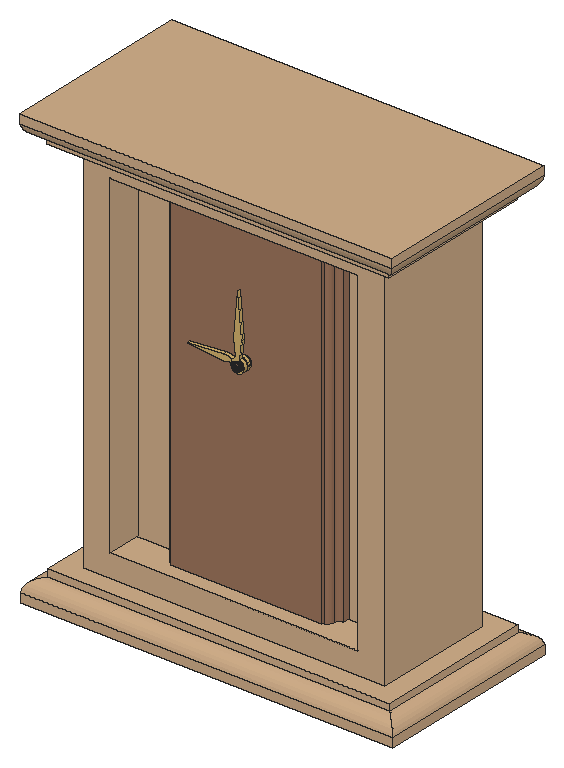
Revit family
Parameters
  Material de reloj = Reloj1
  Material de agujas = Agujas
Reference planes (cm)
  plane 1 "Centro (Frontal/Posterior)": y = 0
  plane 2: z = 0
  plane 3: x = 0
  plane 4: z = 17.4
  plane 5: z = 17.4
  plane 6: x = 0
  plane 7 "Centro (Izquierda/Derecha)": x = 0
Forms (cm)
  Extrusion 1, solid, material "Reloj1" <- "Material de reloj"
    sketch origin (0, 0, 0) x (1, 0, 0) y (0, 1, 0)
      loop
        line (12.45, 6.35) -> (-12.45, 6.35) -> (-12.45, -6.35) -> (12.45, -6.35) -> (12.45, 6.35)
    from 0 to 1.9
  Sweep 2, void
    path in 3D
      loop
        line (12.45, -6.35, 1.9) -> (12.45, 6.35, 1.9) -> (-12.45, 6.35, 1.9) -> (-12.45, -6.35, 1.9) -> (12.45, -6.35, 1.9)
    profile origin (0, -6.35, 1.9) x (0, 1, 0) y (0, 0, 1)
      loop
        line (1, -0.45) -> (1, 0) -> (0, 0) -> (0, -1.3)
        arc (0, -1.3) -> (0.3438, -0.6912) -> (1, -0.45) r 1.0132
  Extrusion 3, solid, material "Reloj1" <- "Material de reloj"
    sketch origin (-0.05, 0, 27.4) x (0, -1, 0) y (1, 0, 0)
      loop
        line (-6.35, 12.45) -> (-6.35, -12.45) -> (6.35, -12.45) -> (6.35, 12.45) -> (-6.35, 12.45)
    from 0 to 1.9
  Sweep 4, void
    path in 3D
      loop
        line (12.4, -6.35, 27.4) -> (12.4, 6.35, 27.4) -> (-12.5, 6.35, 27.4) -> (-12.5, -6.35, 27.4) -> (12.4, -6.35, 27.4)
    profile origin (-0.05, -6.35, 27.4) x (0, -1, 0) y (0, 0, -1)
      loop
        arc (-1, -0.45) -> (-0.3438, -0.6912) -> (0, -1.3) r 1.0132
        line (0, -1.3) -> (0, 0) -> (-1, 0) -> (-1, -0.45)
  Extrusion 5, solid, material "Reloj1" <- "Material de reloj"
    sketch origin (0, 0, 0) x (1, 0, 0) y (0, 0, 1)
      loop
        line (10.1, 1.9) -> (10.1, 27.4) -> (-10.1, 27.4) -> (-10.1, 1.9) -> (10.1, 1.9)
      loop
        line (-8.3, 25.9) -> (-8.3, 3.4) -> (8.3, 3.4) -> (8.3, 25.9) -> (-8.3, 25.9)
    from -4.05 to 4.05
  Extrusion 6, solid, material "Reloj1" <- "Material de reloj"
    sketch origin (8.4119, 0, 3.4) x (-1, 0, 0) y (0, -1, 0)
      loop
        line (16.7119, 1.75) -> (0.1119, 1.75) -> (0.1119, -1.75) -> (16.7119, -1.75) -> (16.7119, 1.75)
    from 0 to 22.5
  Extrusion 7, solid, material "Reloj2"
    sketch origin (-8.3, -1.75, 3.4) x (1, 0, 0) y (0, 0, 1)
      loop
        line (2.5, 22.5) -> (2.5, 0) -> (14.1, 0) -> (14.1, 22.5) -> (2.5, 22.5)
    from 0 to 1.3
  Extrusion 8, void
    sketch origin (8.4119, 0, 3.4) x (0, -1, 0) y (-1, 0, 0)
      loop
        line (3.05, 13.4619) -> (3.05, 14.2119) -> (2.15, 14.2119)
        arc (2.15, 14.2119) -> (2.2598, 13.9467) -> (2.525, 13.8369) r 0.375
        arc (2.525, 13.8369) -> (2.7902, 13.7271) -> (2.9, 13.4619) r 0.375
        line (2.9, 13.4619) -> (3.05, 13.4619)
      loop
        line (3.05, 3.3619) -> (2.9, 3.3619)
        arc (2.9, 3.3619) -> (2.7902, 3.0967) -> (2.525, 2.9869) r 0.375
        arc (2.525, 2.9869) -> (2.2598, 2.8771) -> (2.15, 2.6119) r 0.375
        line (2.15, 2.6119) -> (3.05, 2.6119) -> (3.05, 3.3619)
    from -22.5 to 0
  Extrusion 9, solid, material "Reloj2"
    sketch origin (-8.3, 1.75, 3.4) x (1, 0, 0) y (0, 0, -1)
      loop
        line (14.1, -22.5) -> (14.1, 0) -> (2.5, 0) -> (2.5, -22.5) -> (14.1, -22.5)
      loop
        circle (8.3, -3.85) r 1.25
    from 0 to 1
  Extrusion 10, void
    sketch origin (0, 0, 0) x (1, 0, 0) y (0, 1, 0)
      loop
        line (5.05, 2.75) -> (5.05, 2.625)
        arc (5.05, 2.625) -> (5.3152, 2.5152) -> (5.425, 2.25) r 0.375
        arc (5.425, 2.25) -> (5.5348, 1.9848) -> (5.8, 1.875) r 0.375
        line (5.8, 1.875) -> (5.8, 2.75) -> (5.05, 2.75)
      loop
        line (-5.05, 2.75) -> (-5.8, 2.75) -> (-5.8, 1.875)
        arc (-5.8, 1.875) -> (-5.5348, 1.9848) -> (-5.425, 2.25) r 0.375
        arc (-5.425, 2.25) -> (-5.3152, 2.5152) -> (-5.05, 2.625) r 0.375
        line (-5.05, 2.625) -> (-5.05, 2.75)
    from 3.4 to 25.9
  Revolve 11, solid, material "Rosca"
    sketch origin (3.9, -152.4, 17.4) x (0, -1, 0) y (1, 0, 0)
      loop
        line (-149.35, -4.2) -> (-148.5232, -4.2) -> (-148.35, -3.9) -> (-149.35, -3.9) -> (-149.35, -4.2)
      axis (-149.35, -3.9) -> (-148.35, -3.9)
    angle from 0 to 360
  Revolve 12, solid, material "Rosca"
    sketch origin (3.8976, -152.4, 17.5361) x (0.999391, 0, 0.034899) y (0, -1, 0)
      loop
        line (-4.2, -149.35) -> (-3.9, -149.35) -> (-3.9, -148.35) -> (-4.2, -148.5232) -> (-4.2, -149.35)
      axis (-3.9, -149.35) -> (-3.9, -148.35)
    angle from 0 to 360
  Revolve 13, solid, material "Rosca"
    sketch origin (3.8905, -152.4, 17.6721) x (0.997564, 0, 0.069756) y (0, -1, 0)
      loop
        line (-4.2, -149.35) -> (-3.9, -149.35) -> (-3.9, -148.35) -> (-4.2, -148.5232) -> (-4.2, -149.35)
      axis (-3.9, -149.35) -> (-3.9, -148.35)
    angle from 0 to 360
  Revolve 14, solid, material "Rosca"
    sketch origin (3.8786, -152.4, 17.8077) x (0.994522, 0, 0.104528) y (0, -1, 0)
      loop
        line (-4.2, -149.35) -> (-3.9, -149.35) -> (-3.9, -148.35) -> (-4.2, -148.5232) -> (-4.2, -149.35)
      axis (-3.9, -149.35) -> (-3.9, -148.35)
    angle from 0 to 360
  Revolve 15, solid, material "Rosca"
    sketch origin (3.862, -152.4, 17.9428) x (0.990268, 0, 0.139173) y (0, -1, 0)
      loop
        line (-4.2, -149.35) -> (-3.9, -149.35) -> (-3.9, -148.35) -> (-4.2, -148.5232) -> (-4.2, -149.35)
      axis (-3.9, -149.35) -> (-3.9, -148.35)
    angle from 0 to 360
  Revolve 16, solid, material "Rosca"
    sketch origin (3.8408, -152.4, 18.0772) x (0.984808, 0, 0.173648) y (0, -1, 0)
      loop
        line (-4.2, -149.35) -> (-3.9, -149.35) -> (-3.9, -148.35) -> (-4.2, -148.5232) -> (-4.2, -149.35)
      axis (-3.9, -149.35) -> (-3.9, -148.35)
    angle from 0 to 360
  Revolve 17, solid, material "Rosca"
    sketch origin (3.8148, -152.4, 18.2109) x (0.978148, 0, 0.207912) y (0, -1, 0)
      loop
        line (-4.2, -149.35) -> (-3.9, -149.35) -> (-3.9, -148.35) -> (-4.2, -148.5232) -> (-4.2, -149.35)
      axis (-3.9, -149.35) -> (-3.9, -148.35)
    angle from 0 to 360
  Revolve 18, solid, material "Rosca"
    sketch origin (3.7842, -152.4, 18.3435) x (0.970296, 0, 0.241922) y (0, -1, 0)
      loop
        line (-4.2, -149.35) -> (-3.9, -149.35) -> (-3.9, -148.35) -> (-4.2, -148.5232) -> (-4.2, -149.35)
      axis (-3.9, -149.35) -> (-3.9, -148.35)
    angle from 0 to 360
  Revolve 19, solid, material "Rosca"
    sketch origin (3.7489, -152.4, 18.475) x (0.961262, 0, 0.275637) y (0, -1, 0)
      loop
        line (-4.2, -149.35) -> (-3.9, -149.35) -> (-3.9, -148.35) -> (-4.2, -148.5232) -> (-4.2, -149.35)
      axis (-3.9, -149.35) -> (-3.9, -148.35)
    angle from 0 to 360
  Revolve 20, solid, material "Rosca"
    sketch origin (3.7091, -152.4, 18.6052) x (0.951057, 0, 0.309017) y (0, -1, 0)
      loop
        line (-4.2, -149.35) -> (-3.9, -149.35) -> (-3.9, -148.35) -> (-4.2, -148.5232) -> (-4.2, -149.35)
      axis (-3.9, -149.35) -> (-3.9, -148.35)
    angle from 0 to 360
  Revolve 21, solid, material "Rosca"
    sketch origin (3.6648, -152.4, 18.7339) x (0.939693, 0, 0.34202) y (0, -1, 0)
      loop
        line (-4.2, -149.35) -> (-3.9, -149.35) -> (-3.9, -148.35) -> (-4.2, -148.5232) -> (-4.2, -149.35)
      axis (-3.9, -149.35) -> (-3.9, -148.35)
    angle from 0 to 360
  Revolve 22, solid, material "Rosca"
    sketch origin (3.616, -152.4, 18.861) x (0.927184, 0, 0.374607) y (0, -1, 0)
      loop
        line (-4.2, -149.35) -> (-3.9, -149.35) -> (-3.9, -148.35) -> (-4.2, -148.5232) -> (-4.2, -149.35)
      axis (-3.9, -149.35) -> (-3.9, -148.35)
    angle from 0 to 360
  Revolve 23, solid, material "Rosca"
    sketch origin (3.5628, -152.4, 18.9863) x (0.913545, 0, 0.406737) y (0, -1, 0)
      loop
        line (-4.2, -149.35) -> (-3.9, -149.35) -> (-3.9, -148.35) -> (-4.2, -148.5232) -> (-4.2, -149.35)
      axis (-3.9, -149.35) -> (-3.9, -148.35)
    angle from 0 to 360
  Revolve 24, solid, material "Rosca"
    sketch origin (3.5053, -152.4, 19.1096) x (0.898794, 0, 0.438371) y (0, -1, 0)
      loop
        line (-4.2, -149.35) -> (-3.9, -149.35) -> (-3.9, -148.35) -> (-4.2, -148.5232) -> (-4.2, -149.35)
      axis (-3.9, -149.35) -> (-3.9, -148.35)
    angle from 0 to 360
  Revolve 25, solid, material "Rosca"
    sketch origin (3.4435, -152.4, 19.2309) x (0.882948, 0, 0.469472) y (0, -1, 0)
      loop
        line (-4.2, -149.35) -> (-3.9, -149.35) -> (-3.9, -148.35) -> (-4.2, -148.5232) -> (-4.2, -149.35)
      axis (-3.9, -149.35) -> (-3.9, -148.35)
    angle from 0 to 360
  Revolve 26, solid, material "Rosca"
    sketch origin (3.3775, -152.4, 19.35) x (0.866025, 0, 0.5) y (0, -1, 0)
      loop
        line (-4.2, -149.35) -> (-3.9, -149.35) -> (-3.9, -148.35) -> (-4.2, -148.5232) -> (-4.2, -149.35)
      axis (-3.9, -149.35) -> (-3.9, -148.35)
    angle from 0 to 360
  Revolve 27, solid, material "Rosca"
    sketch origin (3.3074, -152.4, 19.4667) x (0.848048, 0, 0.529919) y (0, -1, 0)
      loop
        line (-4.2, -149.35) -> (-3.9, -149.35) -> (-3.9, -148.35) -> (-4.2, -148.5232) -> (-4.2, -149.35)
      axis (-3.9, -149.35) -> (-3.9, -148.35)
    angle from 0 to 360
  Revolve 28, solid, material "Rosca"
    sketch origin (3.2332, -152.4, 19.5809) x (0.829038, 0, 0.559193) y (0, -1, 0)
      loop
        line (-4.2, -149.35) -> (-3.9, -149.35) -> (-3.9, -148.35) -> (-4.2, -148.5232) -> (-4.2, -149.35)
      axis (-3.9, -149.35) -> (-3.9, -148.35)
    angle from 0 to 360
  Revolve 29, solid, material "Rosca"
    sketch origin (3.1552, -152.4, 19.6924) x (0.809017, 0, 0.587785) y (0, -1, 0)
      loop
        line (-4.2, -149.35) -> (-3.9, -149.35) -> (-3.9, -148.35) -> (-4.2, -148.5232) -> (-4.2, -149.35)
      axis (-3.9, -149.35) -> (-3.9, -148.35)
    angle from 0 to 360
  Revolve 30, solid, material "Rosca"
    sketch origin (3.0732, -152.4, 19.8011) x (0.788011, 0, 0.615661) y (0, -1, 0)
      loop
        line (-4.2, -149.35) -> (-3.9, -149.35) -> (-3.9, -148.35) -> (-4.2, -148.5232) -> (-4.2, -149.35)
      axis (-3.9, -149.35) -> (-3.9, -148.35)
    angle from 0 to 360
  Revolve 31, solid, material "Rosca"
    sketch origin (2.9876, -152.4, 19.9069) x (0.766044, 0, 0.642788) y (0, -1, 0)
      loop
        line (-4.2, -149.35) -> (-3.9, -149.35) -> (-3.9, -148.35) -> (-4.2, -148.5232) -> (-4.2, -149.35)
      axis (-3.9, -149.35) -> (-3.9, -148.35)
    angle from 0 to 360
  Revolve 32, solid, material "Rosca"
    sketch origin (2.8983, -152.4, 20.0096) x (0.743145, 0, 0.669131) y (0, -1, 0)
      loop
        line (-4.2, -149.35) -> (-3.9, -149.35) -> (-3.9, -148.35) -> (-4.2, -148.5232) -> (-4.2, -149.35)
      axis (-3.9, -149.35) -> (-3.9, -148.35)
    angle from 0 to 360
  Revolve 33, solid, material "Rosca"
    sketch origin (2.8054, -152.4, 20.1092) x (0.71934, 0, 0.694658) y (0, -1, 0)
      loop
        line (-4.2, -149.35) -> (-3.9, -149.35) -> (-3.9, -148.35) -> (-4.2, -148.5232) -> (-4.2, -149.35)
      axis (-3.9, -149.35) -> (-3.9, -148.35)
    angle from 0 to 360
  Revolve 34, solid, material "Rosca"
    sketch origin (2.7092, -152.4, 20.2054) x (0.694658, 0, 0.71934) y (0, -1, 0)
      loop
        line (-4.2, -149.35) -> (-3.9, -149.35) -> (-3.9, -148.35) -> (-4.2, -148.5232) -> (-4.2, -149.35)
      axis (-3.9, -149.35) -> (-3.9, -148.35)
    angle from 0 to 360
  Revolve 35, solid, material "Rosca"
    sketch origin (2.6096, -152.4, 20.2983) x (0.669131, 0, 0.743145) y (0, -1, 0)
      loop
        line (-4.2, -149.35) -> (-3.9, -149.35) -> (-3.9, -148.35) -> (-4.2, -148.5232) -> (-4.2, -149.35)
      axis (-3.9, -149.35) -> (-3.9, -148.35)
    angle from 0 to 360
  Revolve 36, solid, material "Rosca"
    sketch origin (2.5069, -152.4, 20.3876) x (0.642788, 0, 0.766044) y (0, -1, 0)
      loop
        line (-4.2, -149.35) -> (-3.9, -149.35) -> (-3.9, -148.35) -> (-4.2, -148.5232) -> (-4.2, -149.35)
      axis (-3.9, -149.35) -> (-3.9, -148.35)
    angle from 0 to 360
  Revolve 37, solid, material "Rosca"
    sketch origin (2.4011, -152.4, 20.4732) x (0.615661, 0, 0.788011) y (0, -1, 0)
      loop
        line (-4.2, -149.35) -> (-3.9, -149.35) -> (-3.9, -148.35) -> (-4.2, -148.5232) -> (-4.2, -149.35)
      axis (-3.9, -149.35) -> (-3.9, -148.35)
    angle from 0 to 360
  Revolve 38, solid, material "Rosca"
    sketch origin (2.2924, -152.4, 20.5552) x (0.587785, 0, 0.809017) y (0, -1, 0)
      loop
        line (-4.2, -149.35) -> (-3.9, -149.35) -> (-3.9, -148.35) -> (-4.2, -148.5232) -> (-4.2, -149.35)
      axis (-3.9, -149.35) -> (-3.9, -148.35)
    angle from 0 to 360
  Revolve 39, solid, material "Rosca"
    sketch origin (2.1809, -152.4, 20.6332) x (0.559193, 0, 0.829038) y (0, -1, 0)
      loop
        line (-4.2, -149.35) -> (-3.9, -149.35) -> (-3.9, -148.35) -> (-4.2, -148.5232) -> (-4.2, -149.35)
      axis (-3.9, -149.35) -> (-3.9, -148.35)
    angle from 0 to 360
  Revolve 40, solid, material "Rosca"
    sketch origin (2.0667, -152.4, 20.7074) x (0.529919, 0, 0.848048) y (0, -1, 0)
      loop
        line (-4.2, -149.35) -> (-3.9, -149.35) -> (-3.9, -148.35) -> (-4.2, -148.5232) -> (-4.2, -149.35)
      axis (-3.9, -149.35) -> (-3.9, -148.35)
    angle from 0 to 360
  Revolve 41, solid, material "Rosca"
    sketch origin (1.95, -152.4, 20.7775) x (0.5, 0, 0.866025) y (0, -1, 0)
      loop
        line (-4.2, -149.35) -> (-3.9, -149.35) -> (-3.9, -148.35) -> (-4.2, -148.5232) -> (-4.2, -149.35)
      axis (-3.9, -149.35) -> (-3.9, -148.35)
    angle from 0 to 360
  Revolve 42, solid, material "Rosca"
    sketch origin (1.8309, -152.4, 20.8435) x (0.469472, 0, 0.882948) y (0, -1, 0)
      loop
        line (-4.2, -149.35) -> (-3.9, -149.35) -> (-3.9, -148.35) -> (-4.2, -148.5232) -> (-4.2, -149.35)
      axis (-3.9, -149.35) -> (-3.9, -148.35)
    angle from 0 to 360
  Revolve 43, solid, material "Rosca"
    sketch origin (1.7096, -152.4, 20.9053) x (0.438371, 0, 0.898794) y (0, -1, 0)
      loop
        line (-4.2, -149.35) -> (-3.9, -149.35) -> (-3.9, -148.35) -> (-4.2, -148.5232) -> (-4.2, -149.35)
      axis (-3.9, -149.35) -> (-3.9, -148.35)
    angle from 0 to 360
  Revolve 44, solid, material "Rosca"
    sketch origin (1.5863, -152.4, 20.9628) x (0.406737, 0, 0.913545) y (0, -1, 0)
      loop
        line (-4.2, -149.35) -> (-3.9, -149.35) -> (-3.9, -148.35) -> (-4.2, -148.5232) -> (-4.2, -149.35)
      axis (-3.9, -149.35) -> (-3.9, -148.35)
    angle from 0 to 360
  Revolve 45, solid, material "Rosca"
    sketch origin (1.461, -152.4, 21.016) x (0.374607, 0, 0.927184) y (0, -1, 0)
      loop
        line (-4.2, -149.35) -> (-3.9, -149.35) -> (-3.9, -148.35) -> (-4.2, -148.5232) -> (-4.2, -149.35)
      axis (-3.9, -149.35) -> (-3.9, -148.35)
    angle from 0 to 360
  Revolve 46, solid, material "Rosca"
    sketch origin (1.3339, -152.4, 21.0648) x (0.34202, 0, 0.939693) y (0, -1, 0)
      loop
        line (-4.2, -149.35) -> (-3.9, -149.35) -> (-3.9, -148.35) -> (-4.2, -148.5232) -> (-4.2, -149.35)
      axis (-3.9, -149.35) -> (-3.9, -148.35)
    angle from 0 to 360
  Revolve 47, solid, material "Rosca"
    sketch origin (1.2052, -152.4, 21.1091) x (0.309017, 0, 0.951057) y (0, -1, 0)
      loop
        line (-4.2, -149.35) -> (-3.9, -149.35) -> (-3.9, -148.35) -> (-4.2, -148.5232) -> (-4.2, -149.35)
      axis (-3.9, -149.35) -> (-3.9, -148.35)
    angle from 0 to 360
  Revolve 48, solid, material "Rosca"
    sketch origin (1.075, -152.4, 21.1489) x (0.275637, 0, 0.961262) y (0, -1, 0)
      loop
        line (-4.2, -149.35) -> (-3.9, -149.35) -> (-3.9, -148.35) -> (-4.2, -148.5232) -> (-4.2, -149.35)
      axis (-3.9, -149.35) -> (-3.9, -148.35)
    angle from 0 to 360
  Revolve 49, solid, material "Rosca"
    sketch origin (0.9435, -152.4, 21.1842) x (0.241922, 0, 0.970296) y (0, -1, 0)
      loop
        line (-4.2, -149.35) -> (-3.9, -149.35) -> (-3.9, -148.35) -> (-4.2, -148.5232) -> (-4.2, -149.35)
      axis (-3.9, -149.35) -> (-3.9, -148.35)
    angle from 0 to 360
  Revolve 50, solid, material "Rosca"
    sketch origin (0.8109, -152.4, 21.2148) x (0.207912, 0, 0.978148) y (0, -1, 0)
      loop
        line (-4.2, -149.35) -> (-3.9, -149.35) -> (-3.9, -148.35) -> (-4.2, -148.5232) -> (-4.2, -149.35)
      axis (-3.9, -149.35) -> (-3.9, -148.35)
    angle from 0 to 360
  Revolve 51, solid, material "Rosca"
    sketch origin (0.6772, -152.4, 21.2408) x (0.173648, 0, 0.984808) y (0, -1, 0)
      loop
        line (-4.2, -149.35) -> (-3.9, -149.35) -> (-3.9, -148.35) -> (-4.2, -148.5232) -> (-4.2, -149.35)
      axis (-3.9, -149.35) -> (-3.9, -148.35)
    angle from 0 to 360
  Revolve 52, solid, material "Rosca"
    sketch origin (0.5428, -152.4, 21.262) x (0.139173, 0, 0.990268) y (0, -1, 0)
      loop
        line (-4.2, -149.35) -> (-3.9, -149.35) -> (-3.9, -148.35) -> (-4.2, -148.5232) -> (-4.2, -149.35)
      axis (-3.9, -149.35) -> (-3.9, -148.35)
    angle from 0 to 360
  Revolve 53, solid, material "Rosca"
    sketch origin (0.4077, -152.4, 21.2786) x (0.104528, 0, 0.994522) y (0, -1, 0)
      loop
        line (-4.2, -149.35) -> (-3.9, -149.35) -> (-3.9, -148.35) -> (-4.2, -148.5232) -> (-4.2, -149.35)
      axis (-3.9, -149.35) -> (-3.9, -148.35)
    angle from 0 to 360
  Revolve 54, solid, material "Rosca"
    sketch origin (0.2721, -152.4, 21.2905) x (0.069756, 0, 0.997564) y (0, -1, 0)
      loop
        line (-4.2, -149.35) -> (-3.9, -149.35) -> (-3.9, -148.35) -> (-4.2, -148.5232) -> (-4.2, -149.35)
      axis (-3.9, -149.35) -> (-3.9, -148.35)
    angle from 0 to 360
  Revolve 55, solid, material "Rosca"
    sketch origin (0.1361, -152.4, 21.2976) x (0.034899, 0, 0.999391) y (0, -1, 0)
      loop
        line (-4.2, -149.35) -> (-3.9, -149.35) -> (-3.9, -148.35) -> (-4.2, -148.5232) -> (-4.2, -149.35)
      axis (-3.9, -149.35) -> (-3.9, -148.35)
    angle from 0 to 360
  Extrusion 56, solid, material "Agujas" <- "Material de agujas"
    sketch origin (-102.6, -3.25, 17.4) x (0, 0, 1) y (-1, 0, 0)
      loop
        circle (0, -102.6) r 0.3
      loop
        arc (-0.1136, -102.1646) -> (0, -103.05) -> (0.1136, -102.1646) r 0.45
        line (0.1136, -102.1646) -> (0.2011, -101.45) -> (0, -99) -> (-0.2011, -101.45) -> (-0.1136, -102.1646)
    from 0 to 0.2
  Extrusion 57, solid, material "Agujas" <- "Material de agujas"
    sketch origin (-102.6, -3.55, 17.4) x (0, 0, 1) y (-1, 0, 0)
      loop
        circle (0, -102.6) r 0.3
      loop
        arc (0.4354, -102.4864) -> (-0.45, -102.6) -> (0.4354, -102.7136) r 0.45
        line (0.4354, -102.7136) -> (1.5981, -102.8412) -> (4.5, -102.6) -> (1.5981, -102.3588) -> (0.4354, -102.4864)
    from 0 to 0.2
  Extrusion 58, solid, material "Agujas" <- "Material de agujas", not visible
    sketch origin (0, -3.55, 120) x (1, 0, 0) y (0, 0, 1)
      loop
        circle (0, -102.6) r 0.3
      loop
        arc (0.4354, -102.4864) -> (-0.45, -102.6) -> (0.4354, -102.7136) r 0.45
        line (0.4354, -102.7136) -> (1.5981, -102.8412) -> (4.5, -102.6) -> (1.5981, -102.3588) -> (0.4354, -102.4864)
    from 0 to 0.2
  Extrusion 59, solid, material "Agujas" <- "Material de agujas", not visible
    sketch origin (0, -3.25, 120) x (1, 0, 0) y (0, 0, 1)
      loop
        circle (0, -102.6) r 0.3
      loop
        arc (-0.1136, -102.1646) -> (0, -103.05) -> (0.1136, -102.1646) r 0.45
        line (0.1136, -102.1646) -> (0.2011, -101.45) -> (0, -99) -> (-0.2011, -101.45) -> (-0.1136, -102.1646)
    from 0 to 0.2
Cuts and joins
  Sweep 2, Extrusion 8 cuts Extrusion 1
  Sweep 4 cuts Extrusion 3
  Extrusion 8, Extrusion 10 cuts Extrusion 5
  Extrusion 8 cuts Extrusion 7
  Extrusion 10 cuts Extrusion 9
Lines and regions (cm)
  Split face 1
    outline origin (-8.3, 1.75, 3.4) x (1, 0, 0) y (0, 0, -1)
      loop
        circle (8.3, -3.85) r 2
  Split face 2
    outline origin (-5.8, -3.05, 3.4) x (1, 0, 0) y (0, 0, 1)
      loop
        circle (5.8, 17.9) r 0.45
  Split face 3
    outline origin (-5.8, -3.05, 3.4) x (1, 0, 0) y (0, 0, 1)
      loop
        circle (7.75, 17.3775) r 0.3
  Split face 4
    outline origin (-5.8, -3.05, 3.4) x (1, 0, 0) y (0, 0, 1)
      loop
        circle (3.85, 17.3775) r 0.3
  Split face 5
    outline origin (-5.8, -3.05, 3.4) x (1, 0, 0) y (0, 0, 1)
      loop
        circle (2.4225, 15.95) r 0.3
  Split face 6
    outline origin (-5.8, -3.05, 3.4) x (1, 0, 0) y (0, 0, 1)
      loop
        circle (9.1775, 15.95) r 0.3
  Split face 7
    outline origin (-5.8, -3.05, 3.4) x (1, 0, 0) y (0, 0, 1)
      loop
        circle (1.9, 14) r 0.45
  Split face 8
    outline origin (-5.8, -3.05, 3.4) x (1, 0, 0) y (0, 0, 1)
      loop
        circle (9.7, 14) r 0.45
  Split face 9
    outline origin (-5.8, -3.05, 3.4) x (1, 0, 0) y (0, 0, 1)
      loop
        circle (9.1775, 12.05) r 0.3
  Split face 10
    outline origin (-5.8, -3.05, 3.4) x (1, 0, 0) y (0, 0, 1)
      loop
        circle (7.75, 10.6225) r 0.3
  Split face 11
    outline origin (-5.8, -3.05, 3.4) x (1, 0, 0) y (0, 0, 1)
      loop
        circle (5.8, 10.1) r 0.45
  Split face 12
    outline origin (-5.8, -3.05, 3.4) x (1, 0, 0) y (0, 0, 1)
      loop
        circle (2.4225, 12.05) r 0.3
  Split face 13
    outline origin (-5.8, -3.05, 3.4) x (1, 0, 0) y (0, 0, 1)
      loop
        circle (3.85, 10.6225) r 0.3
  sketch lines
    curve 1: line (-12.45, -6.35, 1.9) -> (12.45, -6.35, 1.9)
    curve 2: line (-12.45, 6.35, 1.9) -> (-12.45, -6.35, 1.9)
    curve 3: line (12.45, 6.35, 1.9) -> (-12.45, 6.35, 1.9)
    curve 4: line (12.45, -6.35, 1.9) -> (12.45, 6.35, 1.9)
    curve 5: line (-12.5, -6.35, 27.4) -> (12.4, -6.35, 27.4)
    curve 6: line (-12.5, 6.35, 27.4) -> (-12.5, -6.35, 27.4)
    curve 7: line (12.4, 6.35, 27.4) -> (-12.5, 6.35, 27.4)
    curve 8: line (12.4, -6.35, 27.4) -> (12.4, 6.35, 27.4)
Dimensions and locks (cm)
  Extrusion 5 to Extrusion 6 sketch curve = 2.3 cm
